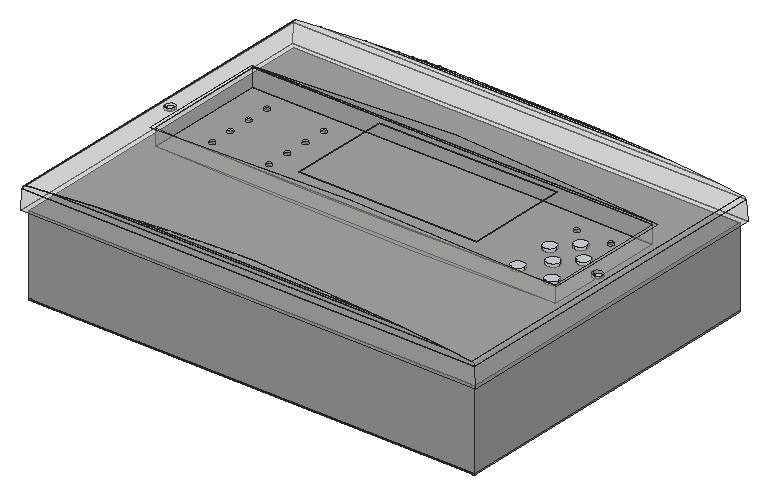
Revit family "Maxlogic Mimic Panneau Adressable Intelligent", category Fire Alarm Devices, host Face, Revit 2021
Family settings
  Host = Face
  Maintain Annotation Orientation = Yes
  Round Connector Dimension = Use Diameter
  Part Type = Normal
  OmniClass Number = 23.85.30.21
  OmniClass Title = Environmental Detection/Registration
  Cut with Voids When Loaded = No
  Shared = No
  Room Calculation Point = No
Parameters (values of type "Maxlogic Mimic Panneau Adressable Intelligent")
  Poids = "4900 gr"
  Boîtier de montage en surface étanche = ""
  Unité de durée de garantie = "Ans"
  Durée de la garantie réservé = "2"
  Durée de la garantie Travail = "2"
  Version = ""
  URL = "https://www.mavili.com.tr/"
  Socle montage de Surlévé = ""
  Numéro de pose des travaux publics = ""
  protection de Classe = ""
  Code de Produit = "ML-1280"
  Numèro de Téléphone = "(+)90 216 466 45 05"
  Voltage de fonctionnement (default) = ""
  voltage fonction d'opération = ""
  Tempèrature de Fonctionnement = "(-5°C) - (+50°C)"
  Largeur Nominale = "100 mm"
  Longeur Nominale = "400 mm"
  Hauteur Nominale = "300 mm"
  Surface de Montage = "Montage à Mur"
  Hauteur de Montage = ""
  Model = "Maxlogic"
  Manufacturer = "Mavili Elektronik Ticaret A.Ş."
  Manuel d'installation = "https://mavilielektronik.com/Revit/ML1280_enkk.pdf"
  Sortie d'indicateur = ""
  Numèro de Fax = "(+)90 216 466 45 10"
  Alimentation d'externe = "220 V AC"
  E-Poste = "mavili@mavili.com.tr"
  Avertissement = ""
  Charger adresse d'appareil = ""
  Description = "Mimic Panneau Adressable Intelligent"
  Default Elevation = 0 mm
  Current de Consommation = ""
  Coût Unité = ""
  Cost = 0
  Socles Compatible = ""
  Couleur = "Blanc"
  Code de  Performance = "EN 54-4"
  Matériel Principe = "Mètale Grise"
  Deuxime Matèriel = "Plastique Blanche ABS"
  Batterie = "2 X (12V DC 7 Ah )"
  Assembly Code = ""
  Adresse ligne 1 = "Şerifali Mahallesi Kutup Sokak No:27/1-2-4 Ümraniye TR-34775 İSTANBUL"
Reference planes
  plane 1 "Center (Front/Back)": y = 0
  plane 2: z = 0
  plane 3 "Center (Left/Right)": x = 0
Forms (mm)
  Extrusion 1, solid, material "mavili arka kasa"
    sketch origin (-210, -150, 148.173) x (1, 0, 0) y (0, 0, -1)
      loop
        line (42.905, 77.3) -> (434.905, 77.3) -> (434.905, 146.904)
        arc (434.905, 146.904) -> (434.545, 147.715) -> (433.785, 148.173) r 1.476
        line (433.785, 148.173) -> (44.505, 148.173)
        arc (44.505, 148.173) -> (43.374, 147.704) -> (42.905, 146.573) r 1.6
        line (42.905, 146.573) -> (42.905, 77.3)
    from 0 to 300
  Extrusion 2, solid, material "Mavili beyaz"
    sketch origin (-210, -150, 148.173) x (1, 0, 0) y (0, 0, -1)
      loop
        line (38.905, 77.3) -> (39.824, 59.769)
        arc (39.824, 59.769) -> (40.651, 57.854) -> (42.526, 56.941) r 3
        arc (42.526, 56.941) -> (238.905, 47.3) -> (435.284, 56.941) r 2005
        arc (435.284, 56.941) -> (437.16, 57.854) -> (437.987, 59.769) r 3
        line (437.987, 59.769) -> (438.905, 77.3) -> (38.905, 77.3)
    from 0 to 300
  Extrusion 3, void
    sketch origin (-167.095, -150, 70.872) x (0, 0, 1) y (0, -1, 0)
      loop
        arc (-69.27, -296) -> (-70.403, -295.532) -> (-70.872, -294.4) r 1.6
        line (-70.872, -294.4) -> (-70.872, -300) -> (0, -300) -> (0, -296) -> (-69.27, -296)
    from 0 to 392
  Extrusion 4, void
    sketch origin (-167.095, 150, 70.872) x (0, 0, 1) y (0, -1, 0)
      loop
        line (-69.27, 296) -> (0, 296) -> (0, 300) -> (-70.872, 300) -> (-70.872, 294.4)
        arc (-70.872, 294.4) -> (-70.403, 295.532) -> (-69.27, 296) r 1.6
    from 0 to 392
  Extrusion 5, void
    sketch origin (-210, -150, 148.173) x (0, 0, -1) y (0, 1, 0)
      loop
        line (55.289, 116.326) -> (55.289, 228.158) -> (47.3, 228.297) -> (47.3, 111.721) -> (55.289, 116.326)
    from 0 to 497.127
  Extrusion 6, void
    sketch origin (-210, -150, 148.173) x (0, 0, -1) y (0, 1, 0)
      loop
        arc (47.3, 295.581) -> (48.124, 297.646) -> (50.143, 298.577) r 3
        line (50.143, 298.577) -> (51.913, 298.669) -> (55.057, 298.834) -> (59.769, 299.081) -> (77.3, 300) -> (50, 300) -> (47.3, 300) -> (47.3, 295.581)
    from 0 to 493.151
  Extrusion 7, void
    sketch origin (-210, 150, 148.173) x (0, 0, -1) y (0, 1, 0)
      loop
        line (47.3, -295.581) -> (47.3, -300) -> (50, -300) -> (77.3, -300) -> (59.769, -299.081) -> (55.057, -298.834) -> (51.913, -298.669) -> (50.143, -298.577)
        arc (50.143, -298.577) -> (48.124, -297.646) -> (47.3, -295.581) r 3
    from 0 to 493.151
  Extrusion 8, void
    sketch origin (-167.095, 146, 25.472) x (0, 0, -1) y (1, 0, 0)
      loop
        line (-13.523, 66.9) -> (-13.523, 68.054)
        arc (-13.523, 68.054) -> (-15, 68.144) -> (-16.477, 68.054) r 12.144
        line (-16.477, 68.054) -> (-16.477, 66.9)
        arc (-16.477, 66.9) -> (-26, 56.025) -> (-16.527, 45.106) r 11
        line (-16.527, 45.106) -> (-16.527, 43.952)
        arc (-16.527, 43.952) -> (-15, 43.856) -> (-13.473, 43.952) r 12.144
        line (-13.473, 43.952) -> (-13.473, 45.106)
        arc (-13.473, 45.106) -> (-4, 56.025) -> (-13.523, 66.9) r 11
    from 0 to 1
  Extrusion 9, void
    sketch origin (-127.095, 146, 25.472) x (0, 0, -1) y (1, 0, 0)
      loop
        line (-13.523, 66.9) -> (-13.523, 68.054)
        arc (-13.523, 68.054) -> (-15, 68.144) -> (-16.477, 68.054) r 12.144
        line (-16.477, 68.054) -> (-16.477, 66.9)
        arc (-16.477, 66.9) -> (-26, 56.025) -> (-16.527, 45.106) r 11
        line (-16.527, 45.106) -> (-16.527, 43.952)
        arc (-16.527, 43.952) -> (-15, 43.856) -> (-13.473, 43.952) r 12.144
        line (-13.473, 43.952) -> (-13.473, 45.106)
        arc (-13.473, 45.106) -> (-4, 56.025) -> (-13.523, 66.9) r 11
    from 0 to 1
  Extrusion 10, void
    sketch origin (-87.095, 146, 25.472) x (0, 0, -1) y (1, 0, 0)
      loop
        line (-13.523, 66.9) -> (-13.523, 68.054)
        arc (-13.523, 68.054) -> (-15, 68.144) -> (-16.477, 68.054) r 12.144
        line (-16.477, 68.054) -> (-16.477, 66.9)
        arc (-16.477, 66.9) -> (-26, 56.025) -> (-16.527, 45.106) r 11
        line (-16.527, 45.106) -> (-16.527, 43.952)
        arc (-16.527, 43.952) -> (-15, 43.856) -> (-13.473, 43.952) r 12.144
        line (-13.473, 43.952) -> (-13.473, 45.106)
        arc (-13.473, 45.106) -> (-4, 56.025) -> (-13.523, 66.9) r 11
    from 0 to 1
  Extrusion 11, void
    sketch origin (-47.095, 146, 25.472) x (0, 0, -1) y (1, 0, 0)
      loop
        line (-13.523, 66.9) -> (-13.523, 68.054)
        arc (-13.523, 68.054) -> (-15, 68.144) -> (-16.477, 68.054) r 12.144
        line (-16.477, 68.054) -> (-16.477, 66.9)
        arc (-16.477, 66.9) -> (-26, 56.025) -> (-16.527, 45.106) r 11
        line (-16.527, 45.106) -> (-16.527, 43.952)
        arc (-16.527, 43.952) -> (-15, 43.856) -> (-13.473, 43.952) r 12.144
        line (-13.473, 43.952) -> (-13.473, 45.106)
        arc (-13.473, 45.106) -> (-4, 56.025) -> (-13.523, 66.9) r 11
    from 0 to 1
  Extrusion 12, void
    sketch origin (-7.095, 146, 25.472) x (0, 0, -1) y (1, 0, 0)
      loop
        line (-13.523, 66.9) -> (-13.523, 68.054)
        arc (-13.523, 68.054) -> (-15, 68.144) -> (-16.477, 68.054) r 12.144
        line (-16.477, 68.054) -> (-16.477, 66.9)
        arc (-16.477, 66.9) -> (-26, 56.025) -> (-16.527, 45.106) r 11
        line (-16.527, 45.106) -> (-16.527, 43.952)
        arc (-16.527, 43.952) -> (-15, 43.856) -> (-13.473, 43.952) r 12.144
        line (-13.473, 43.952) -> (-13.473, 45.106)
        arc (-13.473, 45.106) -> (-4, 56.025) -> (-13.523, 66.9) r 11
    from 0 to 1
  Extrusion 13, void
    sketch origin (32.905, 146, 25.472) x (0, 0, -1) y (1, 0, 0)
      loop
        line (-13.523, 66.9) -> (-13.523, 68.054)
        arc (-13.523, 68.054) -> (-15, 68.144) -> (-16.477, 68.054) r 12.144
        line (-16.477, 68.054) -> (-16.477, 66.9)
        arc (-16.477, 66.9) -> (-26, 56.025) -> (-16.527, 45.106) r 11
        line (-16.527, 45.106) -> (-16.527, 43.952)
        arc (-16.527, 43.952) -> (-15, 43.856) -> (-13.473, 43.952) r 12.144
        line (-13.473, 43.952) -> (-13.473, 45.106)
        arc (-13.473, 45.106) -> (-4, 56.025) -> (-13.523, 66.9) r 11
    from 0 to 1
  Extrusion 14, void
    sketch origin (72.905, 146, 25.472) x (0, 0, -1) y (1, 0, 0)
      loop
        line (-13.523, 66.9) -> (-13.523, 68.054)
        arc (-13.523, 68.054) -> (-15, 68.144) -> (-16.477, 68.054) r 12.144
        line (-16.477, 68.054) -> (-16.477, 66.9)
        arc (-16.477, 66.9) -> (-26, 56.025) -> (-16.527, 45.106) r 11
        line (-16.527, 45.106) -> (-16.527, 43.952)
        arc (-16.527, 43.952) -> (-15, 43.856) -> (-13.473, 43.952) r 12.144
        line (-13.473, 43.952) -> (-13.473, 45.106)
        arc (-13.473, 45.106) -> (-4, 56.025) -> (-13.523, 66.9) r 11
    from 0 to 1
  Extrusion 15, void
    sketch origin (112.905, 146, 25.472) x (0, 0, -1) y (1, 0, 0)
      loop
        line (-13.523, 66.9) -> (-13.523, 68.054)
        arc (-13.523, 68.054) -> (-15, 68.144) -> (-16.477, 68.054) r 12.144
        line (-16.477, 68.054) -> (-16.477, 66.9)
        arc (-16.477, 66.9) -> (-26, 56.025) -> (-16.527, 45.106) r 11
        line (-16.527, 45.106) -> (-16.527, 43.952)
        arc (-16.527, 43.952) -> (-15, 43.856) -> (-13.473, 43.952) r 12.144
        line (-13.473, 43.952) -> (-13.473, 45.106)
        arc (-13.473, 45.106) -> (-4, 56.025) -> (-13.523, 66.9) r 11
    from 0 to 1
  Extrusion 16, void
    sketch origin (-210, -33.417, 92.884) x (-1, 0, 0) y (0, 1, 0)
      loop
        line (-62.836, 2.214) -> (-62.836, 108.579)
        spline (-62.836, 108.579) -> (-92.123, 108.62) -> (-121.442, 108.654) -> (-150.785, 108.681) -> (-180.148, 108.699) -> (-209.524, 108.711) -> (-238.905, 108.714) -> (-268.287, 108.711) -> (-297.662, 108.699) -> (-327.025, 108.681) -> (-356.369, 108.654) -> (-385.687, 108.62) -> (-414.974, 108.579)
        line (-414.974, 108.579) -> (-414.974, 2.214)
        spline (-414.974, 2.214) -> (-385.687, 0.847) -> (-356.369, -0.273) -> (-327.025, -1.144) -> (-297.662, -1.766) -> (-268.287, -2.14) -> (-238.905, -2.264) -> (-209.524, -2.14) -> (-180.148, -1.766) -> (-150.785, -1.144) -> (-121.442, -0.273) -> (-92.123, 0.847) -> (-62.836, 2.214)
    from 0 to 15
  Revolve 17, solid, material "Glass"
    sketch origin (-213.581, 144.917, 77.884) x (-1, 0, 0) y (0, -1, 0)
      loop
        arc (-91.405, 87.917) -> (-93.905, 90.417) -> (-96.405, 87.917) r 2.5
        line (-96.405, 87.917) -> (-91.405, 87.917)
      axis (-91.405, 87.917) -> (-96.405, 87.917)
    angle from 0 to -180
  Extrusion 18, solid
    sketch origin (73.914, -21.417, 77.884) x (0, 1, 0) y (-1, 0, 0)
      loop
        circle (63.417, -93.905) r 5.5
    from 0 to 2
  Extrusion 19, void
    sketch origin (-210, -33.417, 92.884) x (-1, 0, 0) y (0, 1, 0)
      loop
        circle (-50.905, 33.417) r 4.25
    from 0 to 3
  Extrusion 20, solid
    sketch origin (-210, -33.442, 89.884) x (0, 1, 0) y (-1, 0, 0)
      loop
        line (35.753, -50.862) -> (34.597, -48.861) -> (32.286, -48.861) -> (31.13, -50.862) -> (32.286, -52.864) -> (34.597, -52.864) -> (35.753, -50.862)
    from 0 to 1
  Extrusion 21, void
    sketch origin (267.811, -33.417, 92.884) x (-1, 0, 0) y (0, 1, 0)
      loop
        circle (50.905, 33.417) r 4.25
    from 0 to 3
  Extrusion 22, solid
    sketch origin (267.811, -33.442, 89.884) x (0, 1, 0) y (-1, 0, 0)
      loop
        line (35.753, 50.862) -> (34.597, 52.864) -> (32.286, 52.864) -> (31.13, 50.862) -> (32.286, 48.861) -> (34.597, 48.861) -> (35.753, 50.862)
    from 0 to 1
  Extrusion 23, solid
    sketch origin (58.914, -36.417, 77.884) x (0, 1, 0) y (-1, 0, 0)
      loop
        circle (63.417, -93.905) r 5.5
    from 0 to 2
  Extrusion 24, solid
    sketch origin (73.914, -21.417, 77.884) x (0, 1, 0) y (-1, 0, 0)
      loop
        circle (63.417, -93.905) r 5.5
    from 0 to 2
  Extrusion 25, solid
    sketch origin (88.914, -36.417, 77.884) x (0, 1, 0) y (-1, 0, 0)
      loop
        circle (63.417, -93.905) r 5.5
    from 0 to 2
  Extrusion 26, solid
    sketch origin (73.914, -51.417, 77.884) x (0, 1, 0) y (-1, 0, 0)
      loop
        circle (63.417, -93.905) r 5.5
    from 0 to 2
  Extrusion 27, solid
    sketch origin (88.919, -71.417, 77.884) x (0, 1, 0) y (-1, 0, 0)
      loop
        circle (63.417, -93.905) r 5.5
    from 0 to 2
  Extrusion 28, solid
    sketch origin (58.919, -71.417, 77.884) x (0, 1, 0) y (-1, 0, 0)
      loop
        circle (63.417, -93.905) r 5.5
    from 0 to 2
  Revolve 29, solid, material "Glass"
    sketch origin (-163.581, 144.917, 77.884) x (-1, 0, 0) y (0, -1, 0)
      loop
        arc (-91.405, 87.917) -> (-93.905, 90.417) -> (-96.405, 87.917) r 2.5
        line (-96.405, 87.917) -> (-91.405, 87.917)
      axis (-91.405, 87.917) -> (-96.405, 87.917)
    angle from 0 to -180
  Revolve 30, solid, material "Glass"
    sketch origin (-213.581, 124.917, 77.884) x (-1, 0, 0) y (0, -1, 0)
      loop
        arc (-91.405, 87.917) -> (-93.905, 90.417) -> (-96.405, 87.917) r 2.5
        line (-96.405, 87.917) -> (-91.405, 87.917)
      axis (-91.405, 87.917) -> (-96.405, 87.917)
    angle from 0 to -180
  Revolve 31, solid, material "Glass"
    sketch origin (-163.581, 124.917, 77.884) x (-1, 0, 0) y (0, -1, 0)
      loop
        arc (-91.405, 87.917) -> (-93.905, 90.417) -> (-96.405, 87.917) r 2.5
        line (-96.405, 87.917) -> (-91.405, 87.917)
      axis (-91.405, 87.917) -> (-96.405, 87.917)
    angle from 0 to -180
  Revolve 32, solid, material "Glass"
    sketch origin (-213.581, 104.917, 77.884) x (-1, 0, 0) y (0, -1, 0)
      loop
        arc (-91.405, 87.917) -> (-93.905, 90.417) -> (-96.405, 87.917) r 2.5
        line (-96.405, 87.917) -> (-91.405, 87.917)
      axis (-91.405, 87.917) -> (-96.405, 87.917)
    angle from 0 to -180
  Revolve 33, solid, material "Glass"
    sketch origin (-163.581, 104.917, 77.884) x (-1, 0, 0) y (0, -1, 0)
      loop
        arc (-91.405, 87.917) -> (-93.905, 90.417) -> (-96.405, 87.917) r 2.5
        line (-96.405, 87.917) -> (-91.405, 87.917)
      axis (-91.405, 87.917) -> (-96.405, 87.917)
    angle from 0 to -180
  Revolve 34, solid, material "Glass"
    sketch origin (-213.581, 84.917, 77.884) x (-1, 0, 0) y (0, -1, 0)
      loop
        arc (-91.405, 87.917) -> (-93.905, 90.417) -> (-96.405, 87.917) r 2.5
        line (-96.405, 87.917) -> (-91.405, 87.917)
      axis (-91.405, 87.917) -> (-96.405, 87.917)
    angle from 0 to -180
  Revolve 35, solid, material "Glass"
    sketch origin (-163.581, 84.917, 77.884) x (-1, 0, 0) y (0, -1, 0)
      loop
        arc (-91.405, 87.917) -> (-93.905, 90.417) -> (-96.405, 87.917) r 2.5
        line (-96.405, 87.917) -> (-91.405, 87.917)
      axis (-91.405, 87.917) -> (-96.405, 87.917)
    angle from 0 to -180
  Revolve 36, solid, material "Glass"
    sketch origin (58.919, 144.917, 77.884) x (-1, 0, 0) y (0, -1, 0)
      loop
        arc (-91.405, 87.917) -> (-93.905, 90.417) -> (-96.405, 87.917) r 2.5
        line (-96.405, 87.917) -> (-91.405, 87.917)
      axis (-91.405, 87.917) -> (-96.405, 87.917)
    angle from 0 to -180
  Revolve 37, solid, material "Glass"
    sketch origin (88.919, 144.917, 77.884) x (-1, 0, 0) y (0, -1, 0)
      loop
        arc (-91.405, 87.917) -> (-93.905, 90.417) -> (-96.405, 87.917) r 2.5
        line (-96.405, 87.917) -> (-91.405, 87.917)
      axis (-91.405, 87.917) -> (-96.405, 87.917)
    angle from 0 to -180
  Extrusion 38, solid, material "Glass"
    sketch origin (-210, -33.417, 92.884) x (0, 1, 0) y (-1, 0, 0)
      loop
        line (103.017, -179.624) -> (13.817, -179.624) -> (13.817, -336.024) -> (103.017, -336.024) -> (103.017, -179.624)
    from 0 to 0.8
Cuts and joins
  Extrusion 3, Extrusion 4, Extrusion 8, Extrusion 9, Extrusion 10, Extrusion 11, Extrusion 12, Extrusion 13, Extrusion 14, Extrusion 15 cuts Extrusion 1
  Extrusion 3, Extrusion 4, Extrusion 5, Extrusion 6, Extrusion 7, Extrusion 16, Extrusion 19, Extrusion 21 cuts Extrusion 2
  Extrusion 21 cuts Extrusion 20
Dimensions and locks
  aligned and locked: plane 2 to host face
  aligned and locked: level to host face
Connectors
  electrical at (29.145, 0, 0)
    settings: on cut or joined group of Extrusion 1, Extrusion 3, Extrusion 4, Extrusion 8, Extrusion 9, Extrusion 10, Extrusion 11, Extrusion 12, Extrusion 13, Extrusion 14, Extrusion 15, index 1, voltage 0 V, apparent load 0 VA, apparent load phase1 0 VA, apparent load phase2 0 VA, apparent load phase3 0 VA, power factor 1, load classification "Other", number of poles 1, system type 31, power factor state 1, is connector primary yes, connector utility no, sub classification motor no, connector description ""
